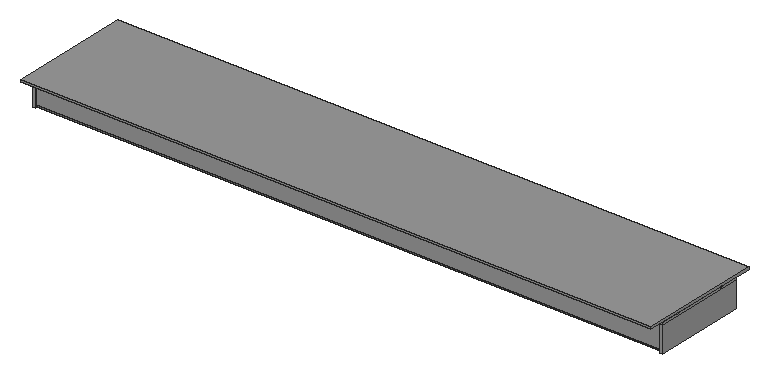
Revit family "Berica 2.2 M", category Lighting Fixtures, Revit 2020 (continued)
Definition of nested family "Light Source Berica 2.2"
  Types (4, lengths in mm): name | Photometric Web File | built-in parameter 1150142
      23 1463.95 1445.20 1425.32 1403.27 1380.40 1353.07 \r\n1325.97 1297.21 1268.27 1240.30 1210.30 1181.80 1152.04 \r\n1124.04 1096.65 1069.21 1041.79 1014.45 990.69 964.79 \r\n939.88 916.49 895.40 873.46 849.71 828.46 806.77 786.20 \r\n765.86 744.43 725.53 707.48 688.57 671.00 652.14 635.04 \r\n618.94 602.26 585.91 571.51 556.09 542.16 529.13 515.31 \r\n502.52 489.41 477.43 465.45 454.58 443.95 433.40 423.64 \r\n414.56 405.21 396.35 387.90 379.78 373.45 366.76 361.21 \r\n355.84 350.21 344.30 339.43 334.73 329.29 324.89 320.06 \r\n315.98 310.74 306.30 301.60 297.31 292.22 288.16 282.77 \r\n278.32 274.18 269.38 266.06 262.45 259.53 258.34 259.53 \r\n262.45 266.06 269.38 274.18 278.32 282.77 288.16 292.22 \r\n297.31 301.60 306.30 310.74 315.98 320.06 324.89 329.29 \r\n334.73 339.43 344.30 350.21 355.84 361.21 366.76 373.45 \r\n379.78 387.90 396.35 405.21 414.56 423.64 433.40 443.95 \r\n454.58 465.45 477.43 489.41 502.52 515.31 529.13 542.16 \r\n556.09 571.51 585.91 602.26 618.94 635.04 652.14 671.00 \r\n688.57 707.48 725.53 744.43 765.86 786.20 806.77 828.46 \r\n849.71 873.46 895.40 916.49 939.88 964.79 990.69 1014.45 \r\n1041.79 1069.21 1096.65 1124.04 1152.04 1181.80 1210.30 \r\n1240.30 1268.27 1297.21 1325.97 1353.07 1380.40 1403.27 \r\n1425.32 1445.20 1463.95 1479.23 1493.09 1504.09 1513.08 \r\n1519.62 1523.86 1525.27 1523.51 \r\n1523.51 1525.14 1523.30 1518.57 1511.14 1501.26 1488.39 \r\n1473.10 1456.01 1436.18 1413.23 1390.32 1362.10 1336.20 \r\n1304.24 1276.61 1247.37 1215.20 1188.12 1158.36 1127.17 \r\n1099.79 1071.20 1045.72 1019.55 995.01 970.30 945.90 \r\n923.72 900.78 880.90 858.77 839.61 819.83 797.90 778.21 \r\n759.20 740.95 721.63 703.74 685.60 668.97 651.39 636.16 \r\n618.55 603.90 589.31 575.34 561.27 548.05 535.34 522.59 \r\n510.95 498.11 488.08 476.78 466.94 457.01 448.34 439.06 \r\n430.56 421.40 414.11 406.69 400.85 395.24 389.76 384.29 \r\n379.09 374.25 369.03 364.39 358.92 354.97 350.20 345.92 \r\n340.59 336.56 331.98 327.57 322.95 318.11 313.74 308.49 \r\n304.43 299.81 295.95 292.09 288.33 285.58 284.51 285.58 \r\n288.33 292.09 295.95 299.81 304.43 308.49 313.74 318.11 \r\n322.95 327.57 331.98 336.56 340.59 345.92 350.20 354.97 \r\n358.92 364.39 369.03 374.25 379.09 384.29 389.76 395.24 \r\n400.85 406.69 414.11 421.40 430.56 439.06 448.34 457.01 \r\n466.94 476.78 488.08 498.11 510.95 522.59 535.34 548.05 \r\n561.27 575.34 589.31 603.90 618.55 636.16 651.39 668.97 \r\n685.60 703.74 721.63 740.95 759.20 778.21 797.90 819.83 \r\n839.61 858.77 880.90 900.78 923.72 945.90 970.30 995.01 \r\n1019.55 1045.72 1071.20 1099.79 1127.17 1158.36 1188.12 \r\n1215.20 1247.37 1276.61 1304.24 1336.20 1362.10 1390.32 \r\n1413.23 1436.18 1456.01 1473.10 1488.39 1501.26 1511.14 \r\n1518.57 1523.30 1525.14 1523.51 \r\n1523.51 1525.40 1523.07 1517.54 1508.70 1498.26 1483.34 \r\n1467.75 1447.15 1426.92 1401.07 1375.34 1346.65 1318.92 \r\n1286.66 1255.77 1226.59 1194.94 1164.33 1134.47 1106.99 \r\n1079.62 1053.54 1025.81 1000.99 977.38 953.54 931.53 \r\n909.68 889.51 870.64 850.74 830.06 812.40 792.25 773.50 \r\n754.63 736.36 718.75 701.55 684.51 667.44 652.09 635.51 \r\n621.42 606.27 592.54 578.98 565.76 553.27 541.83 529.91 \r\n518.53 508.08 497.74 488.97 478.81 470.98 462.05 453.67 \r\n445.71 438.78 431.99 427.33 421.28 416.48 411.23 406.10 \r\n401.56 396.90 392.49 387.87 383.88 378.10 374.37 369.16 \r\n365.32 359.80 355.23 350.16 345.90 340.41 336.37 331.48 \r\n326.91 323.23 317.71 314.56 310.44 308.38 306.49 308.38 \r\n310.44 314.56 317.71 323.23 326.91 331.48 336.37 340.41 \r\n345.90 350.16 355.23 359.80 365.32 369.16 374.37 378.10 \r\n383.88 387.87 392.49 396.90 401.56 406.10 411.23 416.48 \r\n421.28 427.33 431.99 438.78 445.71 453.67 462.05 470.98 \r\n478.81 488.97 497.74 508.08 518.53 529.91 541.83 553.27 \r\n565.76 578.98 592.54 606.27 621.42 635.51 652.09 667.44 \r\n684.51 701.55 718.75 736.36 754.63 773.50 792.25 812.40 \r\n830.06 850.74 870.64 889.51 909.68 931.53 953.54 977.38 \r\n1000.99 1025.81 1053.54 1079.62 1106.99 1134.47 1164.33 \r\n1194.94 1226.59 1255.77 1286.66 1318.92 1346.65 1375.34 \r\n1401.07 1426.92 1447.15 1467.75 1483.34 1498.26 1508.70 \r\n1517.54 1523.07 1525.40 1523.51 \r\n1523.51 1525.18 1522.33 1516.80 1507.10 1494.74 1480.25 \r\n1460.74 1440.22 1417.64 1390.38 1362.93 1335.26 1302.20 \r\n1271.50 1238.20 1209.20 1177.53 1147.98 1117.02 1090.28 \r\n1062.13 1037.78 1010.93 987.82 964.92 942.28 921.96 \r\n901.72 881.89 862.60 844.30 825.55 807.37 788.52 770.26 \r\n751.04 734.79 716.58 700.05 683.09 667.33 652.71 636.95 \r\n623.10 609.15 595.44 583.19 571.14 558.83 548.37 537.04 \r\n527.36 516.80 508.25 499.87 491.31 483.36 475.00 467.39 \r\n460.93 456.48 450.17 445.75 440.63 436.25 431.81 427.13 \r\n423.12 418.36 414.17 409.82 405.75 400.45 395.97 391.27 \r\n386.84 381.15 376.29 371.00 366.40 360.53 356.06 351.17 \r\n346.35 341.55 337.38 333.89 329.99 327.31 325.81 327.31 \r\n329.99 333.89 337.38 341.55 346.35 351.17 356.06 360.53 \r\n366.40 371.00 376.29 381.15 386.84 391.27 395.97 400.45 \r\n405.75 409.82 414.17 418.36 423.12 427.13 431.81 436.25 \r\n440.63 445.75 450.17 456.48 460.93 467.39 475.00 483.36 \r\n491.31 499.87 508.25 516.80 527.36 537.04 548.37 558.83 \r\n571.14 583.19 595.44 609.15 623.10 636.95 652.71 667.33 \r\n683.09 700.05 716.58 734.79 751.04 770.26 788.52 807.37 \r\n825.55 844.30 862.60 881.89 901.72 921.96 942.28 964.92 \r\n987.82 1010.93 1037.78 1062.13 1090.28 1117.02 1147.98 \r\n1177.53 1209.20 1238.20 1271.50 1302.20 1335.26 1362.93 \r\n1390.38 1417.64 1440.22 1460.74 1480.25 1494.74 1507.10 \r\n1516.80 1522.33 1525.18 1523.51 \r\n1523.51 1525.19 1522.03 1514.81 1504.92 1493.25 1474.67 \r\n1457.10 1433.78 1410.12 1380.53 1352.84 1320.85 1290.28 \r\n1257.92 1225.28 1193.83 1162.14 1132.49 1102.93 1075.50 \r\n1048.28 1024.52 998.82 977.33 954.05 934.33 913.76 893.58 \r\n874.47 858.61 839.81 821.93 803.50 785.08 767.98 749.11 \r\n732.45 714.73 699.19 682.81 667.61 651.70 638.72 623.98 \r\n611.52 598.77 586.64 575.49 564.59 553.60 544.19 534.41 \r\n525.39 517.42 508.85 501.88 493.60 486.52 480.23 475.57 \r\n470.22 465.95 461.61 457.21 453.42 449.12 445.25 440.83 \r\n436.65 432.82 428.81 423.44 419.20 413.99 409.80 403.70 \r\n398.69 392.86 387.75 382.62 377.40 371.95 366.26 362.13 \r\n356.80 352.89 348.19 345.67 341.81 341.21 341.81 345.67 \r\n348.19 352.89 356.80 362.13 366.26 371.95 377.40 382.62 \r\n387.75 392.86 398.69 403.70 409.80 413.99 419.20 423.44 \r\n428.81 432.82 436.65 440.83 445.25 449.12 453.42 457.21 \r\n461.61 465.95 470.22 475.57 480.23 486.52 493.60 501.88 \r\n508.85 517.42 525.39 534.41 544.19 553.60 564.59 575.49 \r\n586.64 598.77 611.52 623.98 638.72 651.70 667.61 682.81 \r\n699.19 714.73 732.45 749.11 767.98 785.08 803.50 821.93 \r\n839.81 858.61 874.47 893.58 913.76 934.33 954.05 977.33 \r\n998.82 1024.52 1048.28 1075.50 1102.93 1132.49 1162.14 \r\n1193.83 1225.28 1257.92 1290.28 1320.85 1352.84 1380.53 \r\n1410.12 1433.78 1457.10 1474.67 1493.25 1504.92 1514.81 \r\n1522.03 1525.19 1523.51 \r\n1523.51 1524.90 1521.23 1513.65 1503.48 1489.77 1472.82 \r\n1451.89 1428.01 1401.97 1372.77 1342.93 1311.51 1278.86 \r\n1245.48 1213.71 1181.56 1150.01 1119.24 1092.29 1063.35 \r\n1038.61 1014.36 990.09 968.46 947.97 927.45 908.34 889.71 \r\n870.94 854.03 834.79 817.41 799.67 782.27 764.22 747.70 \r\n730.37 714.11 697.94 681.94 667.56 652.93 638.86 626.11 \r\n613.03 601.24 589.60 579.36 568.97 558.73 549.09 540.04 \r\n532.31 524.33 516.96 509.41 502.51 495.72 491.36 486.66 \r\n482.86 478.06 474.41 470.31 467.34 463.25 459.62 455.93 \r\n451.61 447.62 442.84 439.46 433.68 429.01 423.34 419.22 \r\n412.12 406.70 400.64 395.16 389.19 383.43 377.90 373.67 \r\n369.31 364.40 360.36 356.47 353.76 351.82 353.76 356.47 \r\n360.36 364.40 369.31 373.67 377.90 383.43 389.19 395.16 \r\n400.64 406.70 412.12 419.22 423.34 429.01 433.68 439.46 \r\n442.84 447.62 451.61 455.93 459.62 463.25 467.34 470.31 \r\n474.41 478.06 482.86 486.66 491.36 495.72 502.51 509.41 \r\n516.96 524.33 532.31 540.04 549.09 558.73 568.97 579.36 \r\n589.60 601.24 613.03 626.11 638.86 652.93 667.56 681.94 \r\n697.94 714.11 730.37 747.70 764.22 782.27 799.67 817.41 \r\n834.79 854.03 870.94 889.71 908.34 927.45 947.97 968.46 \r\n990.09 1014.36 1038.61 1063.35 1092.29 1119.24 1150.01 \r\n1181.56 1213.71 1245.48 1278.86 1311.51 1342.93 1372.77 \r\n1401.97 1428.01 1451.89 1472.82 1489.77 1503.48 1513.65 \r\n1521.23 1524.90 1523.51 \r\n1523.51 1524.78 1520.64 1512.86 1502.30 1487.64 1469.51 \r\n1448.40 1424.95 1397.12 1367.51 1338.68 1304.38 1272.02 \r\n1236.97 1204.73 1173.35 1141.28 1111.27 1082.69 1056.67 \r\n1029.19 1006.23 983.99 962.90 943.11 922.85 903.37 885.45 \r\n865.86 850.47 831.97 814.38 797.31 778.64 760.43 744.15 \r\n727.75 711.76 695.66 680.13 666.60 652.73 639.53 626.42 \r\n614.10 603.24 591.91 581.36 572.09 561.88 553.35 545.24 \r\n536.51 529.24 521.71 515.17 508.38 503.01 498.43 495.09 \r\n490.56 487.49 483.89 479.94 476.91 473.27 469.55 466.19 \r\n461.87 457.76 453.42 448.60 444.61 438.70 433.51 426.91 \r\n421.29 414.97 409.74 402.85 397.55 392.16 385.85 381.21 \r\n376.01 371.96 367.74 364.18 360.90 360.92 360.90 364.18 \r\n367.74 371.96 376.01 381.21 385.85 392.16 397.55 402.85 \r\n409.74 414.97 421.29 426.91 433.51 438.70 444.61 448.60 \r\n453.42 457.76 461.87 466.19 469.55 473.27 476.91 479.94 \r\n483.89 487.49 490.56 495.09 498.43 503.01 508.38 515.17 \r\n521.71 529.24 536.51 545.24 553.35 561.88 572.09 581.36 \r\n591.91 603.24 614.10 626.42 639.53 652.73 666.60 680.13 \r\n695.66 711.76 727.75 744.15 760.43 778.64 797.31 814.38 \r\n831.97 850.47 865.86 885.45 903.37 922.85 943.11 962.90 \r\n983.99 1006.23 1029.19 1056.67 1082.69 1111.27 1141.28 \r\n1173.35 1204.73 1236.97 1272.02 1304.38 1338.68 1367.51 \r\n1397.12 1424.95 1448.40 1469.51 1487.64 1502.30 1512.86 \r\n1520.64 1524.78 1523.51 \r\n1523.51 1524.47 1520.62 1512.49 1501.10 1485.87 1468.30 \r\n1445.43 1420.18 1394.35 1363.82 1332.08 1300.31 1267.44 \r\n1232.18 1200.78 1168.15 1136.14 1107.02 1077.66 1051.41 \r\n1026.75 1002.41 980.10 958.67 938.24 920.13 900.83 883.62 \r\n864.54 847.66 830.37 812.39 794.81 776.92 759.14 742.84 \r\n725.62 709.99 693.85 679.10 664.16 650.75 637.46 626.33 \r\n614.05 603.23 593.15 582.47 572.56 563.35 555.01 546.98 \r\n538.86 531.38 524.75 518.02 511.77 507.55 503.26 499.52 \r\n495.36 491.90 489.15 485.39 482.35 479.12 475.32 471.87 \r\n468.13 463.88 459.90 455.29 449.43 445.39 439.15 433.28 \r\n426.45 420.15 414.45 407.92 401.55 396.06 390.51 384.98 \r\n380.30 374.78 372.08 368.34 365.90 365.05 365.90 368.34 \r\n372.08 374.78 380.30 384.98 390.51 396.06 401.55 407.92 \r\n414.45 420.15 426.45 433.28 439.15 445.39 449.43 455.29 \r\n459.90 463.88 468.13 471.87 475.32 479.12 482.35 485.39 \r\n489.15 491.90 495.36 499.52 503.26 507.55 511.77 518.02 \r\n524.75 531.38 538.86 546.98 555.01 563.35 572.56 582.47 \r\n593.15 603.23 614.05 626.33 637.46 650.75 664.16 679.10 \r\n693.85 709.99 725.62 742.84 759.14 776.92 794.81 812.39 \r\n830.37 847.66 864.54 883.62 900.83 920.13 938.24 958.67 \r\n980.10 1002.41 1026.75 1051.41 1077.66 1107.02 1136.14 \r\n1168.15 1200.78 1232.18 1267.44 1300.31 1332.08 1363.82 \r\n1394.35 1420.18 1445.43 1468.30 1485.87 1501.10 1512.49 \r\n1520.62 1524.47 1523.51 \r\n1523.51 1523.63 1518.77 1510.76 1498.66 1482.74 1464.27 \r\n1442.21 1418.85 1389.90 1359.28 1326.51 1293.14 1259.56 \r\n1227.84 1197.76 1161.94 1133.24 1103.20 1074.61 1048.48 \r\n1025.35 1001.79 979.19 957.63 937.36 920.67 900.54 883.23 \r\n865.24 847.00 828.89 813.77 794.33 777.56 759.73 743.83 \r\n725.70 710.55 694.77 680.27 665.62 651.96 638.74 627.25 \r\n615.77 605.68 595.06 584.84 574.85 566.26 556.80 550.17 \r\n542.19 534.51 527.16 520.70 514.15 510.85 505.19 502.83 \r\n498.83 495.78 492.26 489.53 485.35 482.81 479.05 475.84 \r\n471.28 468.52 463.07 459.00 452.94 447.78 442.75 436.27 \r\n429.75 423.60 416.10 410.79 405.05 398.76 392.50 387.82 \r\n382.75 377.69 373.80 369.92 367.92 366.70 367.92 369.92 \r\n373.80 377.69 382.75 387.82 392.50 398.76 405.05 410.79 \r\n416.10 423.60 429.75 436.27 442.75 447.78 452.94 459.00 \r\n463.07 468.52 471.28 475.84 479.05 482.81 485.35 489.53 \r\n492.26 495.78 498.83 502.83 505.19 510.85 514.15 520.70 \r\n527.16 534.51 542.19 550.17 556.80 566.26 574.85 584.84 \r\n595.06 605.68 615.77 627.25 638.74 651.96 665.62 680.27 \r\n694.77 710.55 725.70 743.83 759.73 777.56 794.33 813.77 \r\n828.89 847.00 865.24 883.23 900.54 920.67 937.36 957.63 \r\n979.19 1001.79 1025.35 1048.48 1074.61 1103.20 1133.24 \r\n1161.94 1197.76 1227.84 1259.56 1293.14 1326.51 1359.28 \r\n1389.90 1418.85 1442.21 1464.27 1482.74 1498.66 1510.76 \r\n1518.77 1523.63 1523.51 \r\n1523.51 1524.47 1520.62 1512.49 1501.10 1485.87 1468.30 \r\n1445.43 1420.18 1394.35 1363.82 1332.08 1300.31 1267.44 \r\n1232.18 1200.78 1168.15 1136.14 1107.02 1077.66 1051.41 \r\n1026.75 1002.41 980.10 958.67 938.24 920.13 900.83 883.62 \r\n864.54 847.66 830.37 812.39 794.81 776.92 759.14 742.84 \r\n725.62 709.99 693.85 679.10 664.16 650.75 637.46 626.33 \r\n614.05 603.23 593.15 582.47 572.56 563.35 555.01 546.98 \r\n538.86 531.38 524.75 518.02 511.77 507.55 503.26 499.52 \r\n495.36 491.90 489.15 485.39 482.35 479.12 475.32 471.87 \r\n468.13 463.88 459.90 455.29 449.43 445.39 439.15 433.28 \r\n426.45 420.15 414.45 407.92 401.55 396.06 390.51 384.98 \r\n380.30 374.78 372.08 368.34 365.90 365.05 365.90 368.34 \r\n372.08 374.78 380.30 384.98 390.51 396.06 401.55 407.92 \r\n414.45 420.15 426.45 433.28 439.15 445.39 449.43 455.29 \r\n459.90 463.88 468.13 471.87 475.32 479.12 482.35 485.39 \r\n489.15 491.90 495.36 499.52 503.26 507.55 511.77 518.02 \r\n524.75 531.38 538.86 546.98 555.01 563.35 572.56 582.47 \r\n593.15 603.23 614.05 626.33 637.46 650.75 664.16 679.10 \r\n693.85 709.99 725.62 742.84 759.14 776.92 794.81 812.39 \r\n830.37 847.66 864.54 883.62 900.83 920.13 938.24 958.67 \r\n980.10 1002.41 1026.75 1051.41 1077.66 1107.02 1136.14 \r\n1168.15 1200.78 1232.18 1267.44 1300.31 1332.08 1363.82 \r\n1394.35 1420.18 1445.43 1468.30 1485.87 1501.10 1512.49 \r\n1520.62 1524.47 1523.51 \r\n1523.51 1524.78 1520.64 1512.86 1502.30 1487.64 1469.51 \r\n1448.40 1424.95 1397.12 1367.51 1338.68 1304.38 1272.02 \r\n1236.97 1204.73 1173.35 1141.28 1111.27 1082.69 1056.67 \r\n1029.19 1006.23 983.99 962.90 943.11 922.85 903.37 885.45 \r\n865.86 850.47 831.97 814.38 797.31 778.64 760.43 744.15 \r\n727.75 711.76 695.66 680.13 666.60 652.73 639.53 626.42 \r\n614.10 603.24 591.91 581.36 572.09 561.88 553.35 545.24 \r\n536.51 529.24 521.71 515.17 508.38 503.01 498.43 495.09 \r\n490.56 487.49 483.89 479.94 476.91 473.27 469.55 466.19 \r\n461.87 457.76 453.42 448.60 444.61 438.70 433.51 426.91 \r\n421.29 414.97 409.74 402.85 397.55 392.16 385.85 381.21 \r\n376.01 371.96 367.74 364.18 360.90 360.92 360.90 364.18 \r\n367.74 371.96 376.01 381.21 385.85 392.16 397.55 402.85 \r\n409.74 414.97 421.29 426.91 433.51 438.70 444.61 448.60 \r\n453.42 457.76 461.87 466.19 469.55 473.27 476.91 479.94 \r\n483.89 487.49 490.56 495.09 498.43 503.01 508.38 515.17 \r\n521.71 529.24 536.51 545.24 553.35 561.88 572.09 581.36 \r\n591.91 603.24 614.10 626.42 639.53 652.73 666.60 680.13 \r\n695.66 711.76 727.75 744.15 760.43 778.64 797.31 814.38 \r\n831.97 850.47 865.86 885.45 903.37 922.85 943.11 962.90 \r\n983.99 1006.23 1029.19 1056.67 1082.69 1111.27 1141.28 \r\n1173.35 1204.73 1236.97 1272.02 1304.38 1338.68 1367.51 \r\n1397.12 1424.95 1448.40 1469.51 1487.64 1502.30 1512.86 \r\n1520.64 1524.78 1523.51 \r\n1523.51 1524.90 1521.23 1513.65 1503.48 1489.77 1472.82 \r\n1451.89 1428.01 1401.97 1372.77 1342.93 1311.51 1278.86 \r\n1245.48 1213.71 1181.56 1150.01 1119.24 1092.29 1063.35 \r\n1038.61 1014.36 990.09 968.46 947.97 927.45 908.34 889.71 \r\n870.94 854.03 834.79 817.41 799.67 782.27 764.22 747.70 \r\n730.37 714.11 697.94 681.94 667.56 652.93 638.86 626.11 \r\n613.03 601.24 589.60 579.36 568.97 558.73 549.09 540.04 \r\n532.31 524.33 516.96 509.41 502.51 495.72 491.36 486.66 \r\n482.86 478.06 474.41 470.31 467.34 463.25 459.62 455.93 \r\n451.61 447.62 442.84 439.46 433.68 429.01 423.34 419.22 \r\n412.12 406.70 400.64 395.16 389.19 383.43 377.90 373.67 \r\n369.31 364.40 360.36 356.47 353.76 351.82 353.76 356.47 \r\n360.36 364.40 369.31 373.67 377.90 383.43 389.19 395.16 \r\n400.64 406.70 412.12 419.22 423.34 429.01 433.68 439.46 \r\n442.84 447.62 451.61 455.93 459.62 463.25 467.34 470.31 \r\n474.41 478.06 482.86 486.66 491.36 495.72 502.51 509.41 \r\n516.96 524.33 532.31 540.04 549.09 558.73 568.97 579.36 \r\n589.60 601.24 613.03 626.11 638.86 652.93 667.56 681.94 \r\n697.94 714.11 730.37 747.70 76
